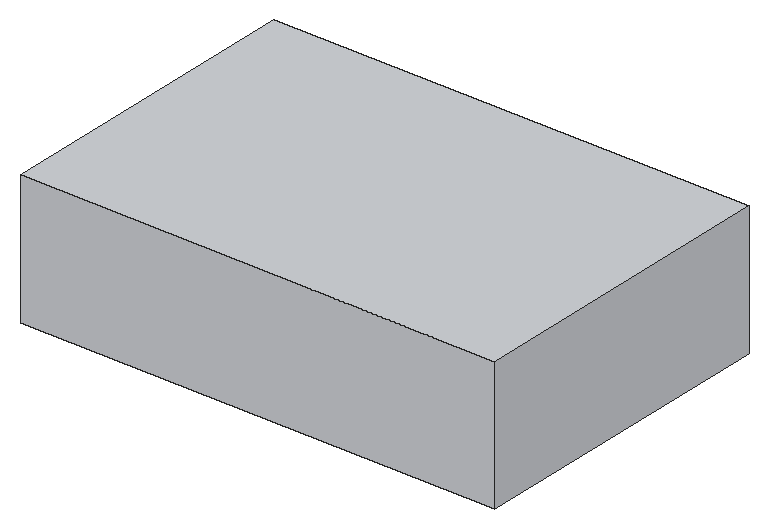
Revit family "Casework_FamilyForTest", category Casework, Revit 2023
Family settings
  OmniClass Number = 23.40.35.00
  OmniClass Title = Casework
  Work Plane-Based = No
  Always vertical = Yes
  Cut with Voids When Loaded = No
  Shared = No
  Room Calculation Point = No
Parameters
  Type = "Generic"
  Product Type / Function = "Casework"
  Product Mark = "BOJ01"
  Model / Series = "B1001"
  Material = Glass
  Length = 0 mm
  Depth = 600 mm
  Height = 900 mm
  Width = 900 mm
  Default Elevation = 0 mm
  Color = Laminate, Black
  Brand / Production Name = "BIMobject"
Reference planes
  plane 1 "Back": y = 0
  plane 2: z = 0
  plane 3 "Center (Left/Right)": x = 44.7
  plane 4 "Front": y = -600
  plane 5 "Left": x = -405.3
  plane 6 "Right": x = 494.7
  plane 7 "Top": z = 900
Forms (mm)
  Extrusion 1, solid
    sketch origin (0, 0, 0) x (1, 0, 0) y (0, 1, 0)
      loop
        line (-405.3, 0) -> (-405.3, -600) -> (494.7, -600) -> (494.7, 0) -> (-405.3, 0)
    from 0 to 250
Dimensions and locks
  "Width": plane 6 "Right" to plane 5 "Left"
  equal spacing: plane 6 "Right", plane 3 "Center (Left/Right)", plane 5 "Left"
  "Depth": plane 4 "Front" to plane 1 "Back"
  "Height": level to plane 7 "Top"
  aligned and locked: level to plane 2
Automatic sketch dimensions
  plane 4 "Front" to Extrusion 1 sketch curve = 0 mm
  Extrusion 1 sketch curve to plane 5 "Left" = 0 mm
  Extrusion 1 sketch curve to plane 6 "Right" = 0 mm
  plane 1 "Back" to Extrusion 1 sketch curve = 0 mm
